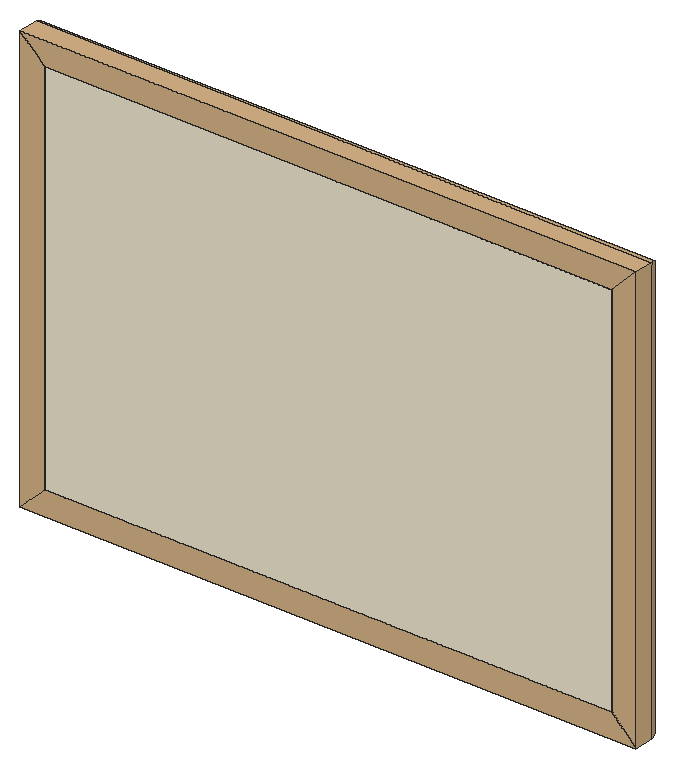
Revit family
Parameters
  Keynote = "N"
  Material Frame = Wood - Birch
  Height [instance] = 600 mm
  Mounting Height = 1800 mm
  Width [instance] = 900 mm
Reference planes
  plane 1: y = 0
  plane 2 "Center (Left/Right)": x = 0
  plane 3: x = -450
  plane 4: x = 450
  plane 5 "Top": z = 1800
  plane 6 "Bottom": z = 1200
  plane 7: y = 101.6
Forms (mm)
  Extrusion 1, solid, material "Backer"
    sketch origin (-1524, 76.2, 0) x (-1, 0, 0) y (0, 0, 1)
      loop
        line (-1974, 1800) -> (-1974, 1200) -> (-1074, 1200) -> (-1074, 1800) -> (-1974, 1800)
    from 0 to 25.4
  Sweep 2, solid, material "Wood - Birch" <- "Material Frame"
    path origin (-1524, 76.2, 0) x (-1, 0, 0) y (0, 0, 1)
      loop
        line (-1974, 1800) -> (-1974, 1200) -> (-1074, 1200) -> (-1074, 1800) -> (-1974, 1800)
    profile origin (0, 76.2, 0) x (0, 0, 1) y (0, 1, 0)
      loop
        line (1800, 0) -> (1838.1, 0) -> (1838.1, 31.75)
        arc (1838.1, 31.75) -> (1834.38, 40.73) -> (1825.4, 44.45) r 12.7
        line (1825.4, 44.45) -> (1793.65, 44.45)
        arc (1793.65, 44.45) -> (1784.67, 40.73) -> (1780.95, 31.75) r 12.7
        line (1780.95, 31.75) -> (1780.95, 25.4) -> (1800, 25.4) -> (1800, 0)
Text (mm)
  text "Placement Side" at (0, 1019.848, 3124.603), in view "Right"
  text "Placement Side" at (-1211.738, 528.333, 0), in view "Ref. Level"
  text "Placement Side" at (0, 1206.291, 2300.497), in view "Left"
Dimensions and locks
  "Width": plane 3 to plane 4
  equal spacing: plane 3, plane 2 "Center (Left/Right)", plane 4
  "Height": plane 6 "Bottom" to plane 5 "Top"
  "Mounting Height": level to plane 5 "Top"
  host wall to plane 7 = 25.4 mm
  aligned and locked: plane 6 "Bottom" to Extrusion 1 sketch curve
  aligned and locked: Extrusion 1 sketch curve to plane 4
  aligned and locked: plane 5 "Top" to Extrusion 1 sketch curve
  aligned and locked: Extrusion 1 to plane 7
  aligned and locked: plane 5 "Top" to Sweep 2 sketch curve
  aligned and locked: plane 3 to Sweep 2 sketch curve
  aligned and locked: Sweep 2 sketch curve to plane 6 "Bottom"
  aligned and locked: Sweep 2 sketch curve to plane 4
  aligned and locked: Sweep 2 sketch curve to host wall
Automatic sketch dimensions
  Extrusion 1 sketch curve to plane 3 = 0 mm
  Sweep 2 sketch curve to profile plane = 0 mm
  profile plane to Sweep 2 sketch curve = 6.35 mm
  Sweep 2 sketch curve to Sweep 2 sketch curve = 12.7 mm  (x2)
  Sweep 2 sketch curve to profile plane = 25.4 mm
  Sweep 2 sketch curve to Sweep 2 sketch curve = 25.4 mm
  Sweep 2 sketch curve to Sweep 2 sketch curve = 6.35 mm
